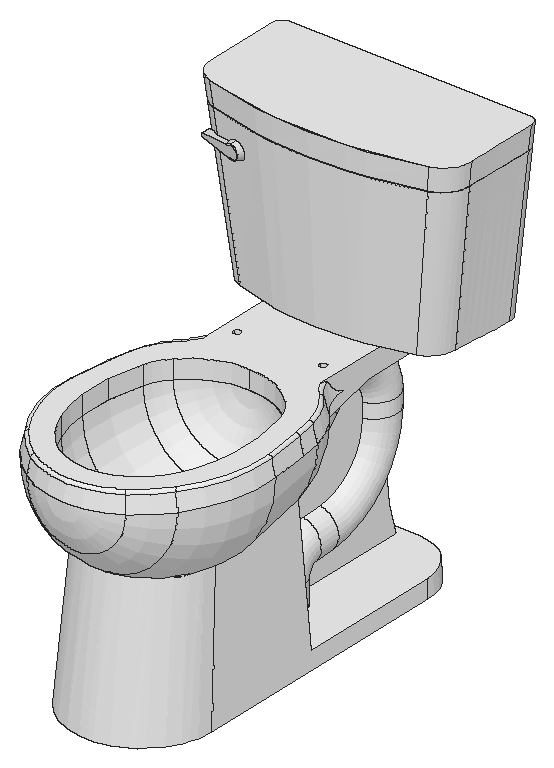
Revit family "Plumbing-Pressure-Assist-Water-Closet-Sloan-Valve-WETS-80298013_", category Plumbing Fixtures, host Face, Revit 2019 (continued)
Automatic sketch dimensions
  Masking region 2 sketch curve to Masking region 2 sketch curve = 2"  (x2)
  Masking region 2 sketch curve to Masking region 2 sketch curve = 2 1/4"  (x2)
  Masking region 2 sketch curve to Masking region 2 sketch curve = 2.79716"
  Masking region 2 sketch curve to Masking region 2 sketch curve = 0.52667"  (x2)
  Masking region 2 sketch curve to Masking region 2 sketch curve = 1.24583"
  Masking region 2 sketch curve to Masking region 2 sketch curve = 1.55117"  (x2)
  Masking region 2 sketch curve to Masking region 2 sketch curve = 1.66402"
  Masking region 2 sketch curve to Masking region 2 sketch curve = 0.70915"  (x2)
  Masking region 2 sketch curve to Masking region 2 sketch curve = 2.22418"  (x2)
  Masking region 2 sketch curve to Masking region 2 sketch curve = 0.38996"  (x2)
  Masking region 2 sketch curve to Masking region 2 sketch curve = 3.913"
  Masking region 2 sketch curve to Masking region 2 sketch curve = 4.50109"  (x2)
  Masking region 2 sketch curve to Masking region 2 sketch curve = 2.37129"  (x2)
  Masking region 2 sketch curve to Masking region 2 sketch curve = 2.31605"  (x2)
  Masking region 2 sketch curve to Masking region 2 sketch curve = 2.56575"  (x2)
  Masking region 2 sketch curve to Masking region 2 sketch curve = 5 33/128"
  Masking region 2 sketch curve to Masking region 2 sketch curve = 5.26793"
  Masking region 2 sketch curve to Masking region 2 sketch curve = 0.29604"  (x2)
  Masking region 2 sketch curve to Masking region 2 sketch curve = 17.12237"
  Masking region 2 sketch curve to Masking region 2 sketch curve = 8 3/8"
  Masking region 2 sketch curve to Masking region 2 sketch curve = 9 3/4"
  Masking region 2 sketch curve to Masking region 2 sketch curve = 3.22134"
  Masking region 2 sketch curve to Masking region 2 sketch curve = 1 1/4"
  Masking region 2 sketch curve to Masking region 2 sketch curve = 18.90159"
  Masking region 2 sketch curve to Masking region 2 sketch curve = 19.0791"
  plane 7 to Extrusion 4 sketch curve = 25.07129"
  Extrusion 4 sketch curve to Extrusion 4 sketch curve = 6.25633"
  Extrusion 4 sketch curve to Extrusion 4 sketch curve = 0.63587"
  Extrusion 4 sketch curve to Extrusion 4 sketch curve = 7.2727"
  Extrusion 4 sketch curve to Extrusion 4 sketch curve = 1.99428"
  Extrusion 4 sketch curve to Extrusion 4 sketch curve = 1.03117"
  plane 7 to Extrusion 4 sketch curve = 1.93503"
  plane 7 to Extrusion 4 sketch curve = 1.54092"
  Extrusion 4 sketch curve to plane 7 = 12.09356"
  Extrusion 4 sketch curve to Extrusion 4 sketch curve = 4.71404"
  Extrusion 4 sketch curve to Extrusion 4 sketch curve = 3.46658"
  Extrusion 4 sketch curve to Extrusion 4 sketch curve = 0.2571"
  Extrusion 4 sketch curve to Extrusion 4 sketch curve = 0"
  Extrusion 4 sketch curve to Extrusion 4 sketch curve = 7.268"
  Extrusion 4 sketch curve to Extrusion 4 sketch curve = 4 19/256"
  Extrusion 4 sketch curve to Extrusion 4 sketch curve = 5.1955"
  plane 7 to Sweep 3 sketch curve = 16.44118"
  plane 7 to Sweep 3 sketch curve = 11 1/4"
  Sweep 3 sketch curve to Sweep 3 sketch curve = 1.57944"
  Sweep 3 sketch curve to Sweep 3 sketch curve = 1.66667"
  Sweep 3 sketch curve to Sweep 3 sketch curve = 1.22254"
  Sweep 3 sketch curve to Sweep 3 sketch curve = 1.50376"
  Sweep 3 sketch curve to Sweep 3 sketch curve = 2.37343"
  Sweep 3 sketch curve to Sweep 3 sketch curve = 3"
  Sweep 3 sketch curve to Sweep 3 sketch curve = 0.23912"
  Sweep 3 sketch curve to Sweep 3 sketch curve = 0.07881"
  Sweep 3 sketch curve to Sweep 3 sketch curve = 2.19457"
  Sweep 3 sketch curve to Sweep 3 sketch curve = 1.02691"
  Sweep 3 sketch curve to Sweep 3 sketch curve = 6.01869"
  Sweep 3 sketch curve to Sweep 3 sketch curve = 5.81653"
  Sweep 3 sketch curve to Sweep 3 sketch curve = 0.44425"
  Sweep 3 sketch curve to Sweep 3 sketch curve = 0"
  Sweep 3 sketch curve to Sweep 3 sketch curve = 2.69248"
  Extrusion 21 sketch curve to plane 7 = 0"
  plane 7 to Extrusion 21 sketch curve = 9.53606"
  Extrusion 21 sketch curve to Extrusion 21 sketch curve = 1.85774"
  plane 11 to Blend 22 sketch curve = 23 1/2"
  Blend 22 sketch curve to Blend 22 sketch curve = 3 1/2"  (x2)
  Blend 22 sketch curve to Blend 22 sketch curve = 4 7/8"
  Blend 22 sketch curve to Blend 22 sketch curve = 2 3/4"
  plane 11 to Blend 22 sketch curve = 4 67/128"
  plane 11 to Blend 22 sketch curve = 22.25397"
  plane 11 to Blend 22 sketch curve = 1 3/128"
  Blend 22 sketch curve to Blend 22 sketch curve = 4 5/16"
  Blend 22 sketch curve to Blend 22 sketch curve = 1 5/8"
  plane 11 to Extrusion 23 sketch curve = 13.77953"
  Extrusion 23 sketch curve to Extrusion 23 sketch curve = 5.00662"
  Extrusion 23 sketch curve to Extrusion 23 sketch curve = 1.37144"
  Extrusion 23 sketch curve to Extrusion 23 sketch curve = 0.83072"
  plane 11 to Extrusion 23 sketch curve = 2.01421"
  plane 11 to Extrusion 23 sketch curve = 1.80632"
  Extrusion 23 sketch curve to Extrusion 23 sketch curve = 1.24829"
  Extrusion 23 sketch curve to Extrusion 23 sketch curve = 2.7937"
  Sweep 24 sketch curve to profile plane = 0"  (x2)
  plane 8 to Blend 26 sketch curve = 0.21467"
  plane 8 to Blend 26 sketch curve = 0.58558"
  plane 11 to Blend 26 sketch curve = 5/16"
  plane 8 to Blend 26 sketch curve = 0.96182"
  Blend 26 sketch curve to Blend 26 sketch curve = 1.99239"
  plane 8 to Blend 26 sketch curve = 7 15/16"
  plane 9 to Blend 26 sketch curve = 2.57797"
  plane 9 to Blend 26 sketch curve = 0.96182"
  plane 9 to Blend 26 sketch curve = 0.58558"
  plane 9 to Blend 26 sketch curve = 0.21467"
  Blend 26 sketch curve to Blend 26 sketch curve = 3/4"  (x3)
  Blend 26 sketch curve to Blend 26 sketch curve = 4.13053"  (x2)
  Blend 26 sketch curve to Blend 26 sketch curve = 0.17431"  (x2)
  Blend 26 sketch curve to plane 11 = 9.28691"
  Blend 26 sketch curve to Blend 26 sketch curve = 0"  (x2)
  plane 11 to Blend 26 sketch curve = 0"
  plane 11 to Blend 26 sketch curve = 6 1/128"  (x2)
  Blend 26 sketch curve to Blend 26 sketch curve = 2"
  Blend 26 sketch curve to Blend 26 sketch curve = 8 3/8"
  Blend 26 sketch curve to Blend 26 sketch curve = 14 1/4"
  plane 11 to Blend 26 sketch curve = 3/4"
  Blend 26 sketch curve to Blend 26 sketch curve = 1 1/4"
  Blend 26 sketch curve to plane 11 = 19.0791"
  Extrusion 27 sketch curve to Extrusion 27 sketch curve = 2.41998"
  Extrusion 27 sketch curve to Extrusion 27 sketch curve = 0.01099"
  Extrusion 27 sketch curve to Extrusion 27 sketch curve = 0.0192"
  Extrusion 27 sketch curve to Extrusion 27 sketch curve = 0.16999"
  Extrusion 27 sketch curve to Extrusion 27 sketch curve = 0.15715"
  Extrusion 27 sketch curve to Extrusion 27 sketch curve = 0.78299"
  Revolve 28 sketch curve to Revolve 28 sketch curve = 0.48262"
  Revolve 28 sketch curve to Revolve 28 sketch curve = 1/2"
  Revolve 28 sketch curve to Revolve 28 sketch curve = 0.47889"
  Revolve 28 sketch curve to Revolve 28 sketch curve = 0.02676"
  Revolve 28 sketch curve to Revolve 28 sketch curve = 0.15681"
  Revolve 28 sketch curve to Revolve 28 sketch curve = 0"  (x2)
  Revolve 28 sketch curve to Revolve 28 sketch curve = 0.11261"
  plane 11 to Revolve 29 sketch curve = 18.41431"
  Revolve 29 sketch curve to Revolve 29 sketch curve = 0.38226"
  Revolve 29 sketch curve to Revolve 29 sketch curve = 213/256"
  Revolve 29 sketch curve to Revolve 29 sketch curve = 0"  (x10)
  Revolve 29 sketch curve to Revolve 29 sketch curve = 1.55117"
  Revolve 29 sketch curve to Revolve 29 sketch curve = 0.52667"
  Revolve 29 sketch curve to Revolve 29 sketch curve = 1.06316"
  Revolve 29 sketch curve to Revolve 29 sketch curve = 0.55817"
  Revolve 29 sketch curve to Revolve 29 sketch curve = 4.78572"
  Revolve 29 sketch curve to Revolve 29 sketch curve = 17.76248"
  Revolve 29 sketch curve to Revolve 29 sketch curve = 1.12242"
  Revolve 29 sketch curve to Revolve 29 sketch curve = 1.54616"
  Revolve 29 sketch curve to Revolve 29 sketch curve = 1.91616"
  Revolve 29 sketch curve to Revolve 29 sketch curve = 0.22012"
  Revolve 29 sketch curve to Revolve 29 sketch curve = 0.002"
  Revolve 29 sketch curve to Revolve 29 sketch curve = 0.38996"
  Revolve 29 sketch curve to Revolve 29 sketch curve = 2.4971"
  Revolve 29 sketch curve to Revolve 29 sketch curve = 1.76271"
  Revolve 29 sketch curve to Revolve 29 sketch curve = 0.46147"
  Revolve 29 sketch curve to Revolve 29 sketch curve = 1.76813"
  Revolve 29 sketch curve to Revolve 29 sketch curve = 2.37097"
  Revolve 29 sketch curve to Revolve 29 sketch curve = 1.94676"
  Revolve 29 sketch curve to Revolve 29 sketch curve = 0.65231"
  Revolve 29 sketch curve to Revolve 29 sketch curve = 3.62883"
  Revolve 29 sketch curve to Revolve 29 sketch curve = 2.41279"
  Revolve 29 sketch curve to Revolve 29 sketch curve = 0.18389"
  Revolve 29 sketch curve to Revolve 29 sketch curve = 1/2"
  Extrusion 30 sketch curve to Extrusion 30 sketch curve = 0.67182"
  Extrusion 30 sketch curve to Extrusion 30 sketch curve = 1.77234"
  Extrusion 30 sketch curve to Extrusion 30 sketch curve = 1.545"  (x2)
  Extrusion 30 sketch curve to Extrusion 30 sketch curve = 93/128"
  Extrusion 30 sketch curve to Extrusion 30 sketch curve = 0.40828"
  Extrusion 30 sketch curve to Extrusion 30 sketch curve = 2.54228"
  Extrusion 30 sketch curve to Extrusion 30 sketch curve = 2.74948"
  Blend 31 sketch curve to Blend 31 sketch curve = 0.99706"
  Blend 31 sketch curve to Blend 31 sketch curve = 0.24541"
  Blend 31 sketch curve to Blend 31 sketch curve = 1 13/16"
  Blend 31 sketch curve to Blend 31 sketch curve = 0.37271"
  Blend 32 sketch curve to Blend 32 sketch curve = 1 13/16"  (x2)
  Blend 32 sketch curve to Blend 32 sketch curve = 0.37271"
  Blend 32 sketch curve to Blend 32 sketch curve = 1.15396"
  plane 11 to Sweep 33 sketch curve = 26.57715"
  Sweep 33 sketch curve to Sweep 33 sketch curve = 9.12902"
  Sweep 33 sketch curve to Sweep 33 sketch curve = 0.84594"
  Sweep 33 sketch curve to Sweep 33 sketch curve = 3.46596"
  Sweep 33 sketch curve to Sweep 33 sketch curve = 1.9345"
  Sweep 33 sketch curve to Sweep 33 sketch curve = 0.18533"
  Sweep 33 sketch curve to Sweep 33 sketch curve = 1.3913"
  Sweep 33 sketch curve to Sweep 33 sketch curve = 1.1687"
  Sweep 33 sketch curve to Sweep 33 sketch curve = 3.42714"
  Sweep 33 sketch curve to Sweep 33 sketch curve = 1.86098"
  Sweep 33 sketch curve to Sweep 33 sketch curve = 1.34254"
  Sweep 33 sketch curve to Sweep 33 sketch curve = 1.96082"
  Sweep 33 sketch curve to Sweep 33 sketch curve = 0"  (x3)
  Sweep 33 sketch curve to Sweep 33 sketch curve = 2.59819"
  Sweep 33 sketch curve to profile plane = 0"
  Sweep 33 sketch curve to profile plane = 0.99706"  (x2)
  Sweep 34 sketch curve to Sweep 34 sketch curve = 0"  (x12)
  Sweep 34 sketch curve to plane 10 = 0"  (x4)
  plane 10 to Sweep 34 sketch curve = 5.70094"  (x2)
  plane 11 to Sweep 34 sketch curve = 10.88962"
  Sweep 34 sketch curve to Sweep 34 sketch curve = 18.15103"  (x2)
  Sweep 34 sketch curve to Sweep 34 sketch curve = 4"  (x2)
  Sweep 34 sketch curve to Sweep 34 sketch curve = 2.01849"
  Sweep 34 sketch curve to Sweep 34 sketch curve = 0.52667"  (x2)
  Sweep 34 sketch curve to Sweep 34 sketch curve = 1.24583"
  Sweep 34 sketch curve to Sweep 34 sketch curve = 1.55117"  (x2)
  Sweep 34 sketch curve to Sweep 34 sketch curve = 1.66402"
  Sweep 34 sketch curve to Sweep 34 sketch curve = 3.26432"
  plane 10 to Sweep 34 sketch curve = 4.99179"
  Sweep 34 sketch curve to Sweep 34 sketch curve = 2.22418"
  Sweep 34 sketch curve to Sweep 34 sketch curve = 0.38996"  (x2)
  Sweep 34 sketch curve to Sweep 34 sketch curve = 3.913"
  Sweep 34 sketch curve to Sweep 34 sketch curve = 6.87238"
  Sweep 34 sketch curve to Sweep 34 sketch curve = 5.26793"
  Sweep 34 sketch curve to Sweep 34 sketch curve = 0.29604"  (x2)
  Sweep 34 sketch curve to Sweep 34 sketch curve = 4.31887"  (x2)
  Sweep 34 sketch curve to profile plane = 0"
  Sweep 34 sketch curve to profile plane = 0.25828"
  Sweep 34 sketch curve to Sweep 34 sketch curve = 0.24359"
  Sweep 34 sketch curve to profile plane = 0.71616"
  profile plane to Sweep 34 sketch curve = 14 3/16"
  Sweep 34 sketch curve to Sweep 34 sketch curve = 1 1/16"
  Sweep 34 sketch curve to Sweep 34 sketch curve = 0.05624"
  Extrusion 35 sketch curve to Extrusion 35 sketch curve = 0"  (x20)
  plane 11 to Extrusion 35 sketch curve = 21.08289"
  Extrusion 35 sketch curve to Extrusion 35 sketch curve = 4.78572"  (x2)
  Extrusion 35 sketch curve to Extrusion 35 sketch curve = 0.55817"  (x2)
  Extrusion 35 sketch curve to Extrusion 35 sketch curve = 1.92673"  (x2)
  Extrusion 35 sketch curve to Extrusion 35 sketch curve = 3.141"
  Extrusion 35 sketch curve to Extrusion 35 sketch curve = 1.21427"  (x2)
  Extrusion 35 sketch curve to Extrusion 35 sketch curve = 0.37"  (x2)
  Extrusion 35 sketch curve to Extrusion 35 sketch curve = 0.22012"  (x2)
  Extrusion 35 sketch curve to Extrusion 35 sketch curve = 2.15467"
  Extrusion 35 sketch curve to Extrusion 35 sketch curve = 2.13627"
  Extrusion 35 sketch curve to Extrusion 35 sketch curve = 1.12242"  (x2)
  Extrusion 35 sketch curve to Extrusion 35 sketch curve = 1.58443"
  Extrusion 35 sketch curve to Extrusion 35 sketch curve = 1.57431"  (x2)
  Extrusion 36 sketch curve to Extrusion 36 sketch curve = 0"  (x15)
  plane 11 to Extrusion 36 sketch curve = 23.57999"  (x2)
  plane 11 to Extrusion 36 sketch curve = 10.88962"
  Extrusion 36 sketch curve to Extrusion 36 sketch curve = 18.15103"  (x2)
  Extrusion 36 sketch curve to Extrusion 36 sketch curve = 4"  (x2)
  Extrusion 36 sketch curve to Extrusion 36 sketch curve = 2.01849"
  Extrusion 36 sketch curve to Extrusion 36 sketch curve = 0.52667"  (x2)
  Extrusion 36 sketch curve to Extrusion 36 sketch curve = 1.24583"
  Extrusion 36 sketch curve to Extrusion 36 sketch curve = 1.55117"  (x2)
  Extrusion 36 sketch curve to Extrusion 36 sketch curve = 1.66402"
  Extrusion 36 sketch curve to Extrusion 36 sketch curve = 3.26432"
  Extrusion 36 sketch curve to Extrusion 36 sketch curve = 13.39952"
  Extrusion 36 sketch curve to Extrusion 36 sketch curve = 2.22418"  (x2)
  Extrusion 36 sketch curve to Extrusion 36 sketch curve = 0.38996"  (x2)
  Extrusion 36 sketch curve to Extrusion 36 sketch curve = 3.913"
  Extrusion 36 sketch curve to Extrusion 36 sketch curve = 3.98247"
  Extrusion 36 sketch curve to Extrusion 36 sketch curve = 0.39147"  (x2)
  Extrusion 36 sketch curve to Extrusion 36 sketch curve = 2.49844"
  Extrusion 36 sketch curve to Extrusion 36 sketch curve = 4.55398"
  Extrusion 36 sketch curve to Extrusion 36 sketch curve = 0.28975"  (x2)
  plane 11 to Extrusion 37 sketch curve = 15 3/4"
  Extrusion 37 sketch curve to Extrusion 37 sketch curve = 1.03091"
  Extrusion 37 sketch curve to plane 11 = 0.34835"
  Extrusion 37 sketch curve to Extrusion 37 sketch curve = 14.74266"
  plane 11 to Revolve 38 sketch curve = 18.41431"
  Revolve 38 sketch curve to Revolve 38 sketch curve = 1.21427"
  Revolve 38 sketch curve to Revolve 38 sketch curve = 3.141"
  Revolve 38 sketch curve to Revolve 38 sketch curve = 0.55817"
  Revolve 38 sketch curve to Revolve 38 sketch curve = 4.78572"
  Revolve 38 sketch curve to Revolve 38 sketch curve = 1.12242"
  Revolve 38 sketch curve to Revolve 38 sketch curve = 1.54616"
  Revolve 38 sketch curve to Revolve 38 sketch curve = 1.91616"
  Revolve 38 sketch curve to Revolve 38 sketch curve = 0.22012"
  Revolve 38 sketch curve to Revolve 38 sketch curve = 2.15467"
  Revolve 38 sketch curve to Revolve 38 sketch curve = 4.85057"
  Revolve 38 sketch curve to Revolve 38 sketch curve = 4.53114"
  Revolve 38 sketch curve to Revolve 38 sketch curve = 0"  (x5)
  Revolve 38 sketch curve to Revolve 38 sketch curve = 2.34667"
  Revolve 38 sketch curve to Revolve 38 sketch curve = 1/2"
  plane 11 to Extrusion 39 sketch curve = 11 3/8"
  Extrusion 39 sketch curve to Extrusion 39 sketch curve = 6"
  Extrusion 39 sketch curve to Extrusion 39 sketch curve = 0"
  Extrusion 40 sketch curve to Extrusion 40 sketch curve = 0"  (x17)
  plane 11 to Extrusion 40 sketch curve = 0"
  plane 11 to Extrusion 40 sketch curve = 6 1/128"  (x2)
  Extrusion 40 sketch curve to Extrusion 40 sketch curve = 1/4"
  Extrusion 40 sketch curve to Extrusion 40 sketch curve = 1/2"
  Extrusion 40 sketch curve to Extrusion 40 sketch curve = 1 3/4"  (x2)
  Extrusion 40 sketch curve to Extrusion 40 sketch curve = 8 3/8"
  Extrusion 40 sketch curve to Extrusion 40 sketch curve = 14 1/4"
  Extrusion 40 sketch curve to Extrusion 40 sketch curve = 1 1/4"
  Extrusion 40 sketch curve to plane 11 = 19.0791"
  plane 11 to Extrusion 25 sketch curve = 25.07129"
  Extrusion 25 sketch curve to Extrusion 25 sketch curve = 6.25633"
  Extrusion 25 sketch curve to Extrusion 25 sketch curve = 0.63587"
  Extrusion 25 sketch curve to Extrusion 25 sketch curve = 7.2727"
  Extrusion 25 sketch curve to Extrusion 25 sketch curve = 1.99428"
  Extrusion 25 sketch curve to Extrusion 25 sketch curve = 1.03117"
  plane 11 to Extrusion 25 sketch curve = 1.93503"
  plane 11 to Extrusion 25 sketch curve = 1.54092"
  Extrusion 25 sketch curve to plane 11 = 12.09356"
  Extrusion 25 sketch curve to Extrusion 25 sketch curve = 4.71404"
  Extrusion 25 sketch curve to Extrusion 25 sketch curve = 3.46658"
  Extrusion 25 sketch curve to Extrusion 25 sketch curve = 0.2571"
  Extrusion 25 sketch curve to Extrusion 25 sketch curve = 0"
  Extrusion 25 sketch curve to Extrusion 25 sketch curve = 7.268"
  Extrusion 25 sketch curve to Extrusion 25 sketch curve = 4 19/256"
  Extrusion 25 sketch curve to Extrusion 25 sketch curve = 5.1955"
  plane 11 to Sweep 24 sketch curve = 16.44118"
  plane 11 to Sweep 24 sketch curve = 11 1/4"
  Sweep 24 sketch curve to Sweep 24 sketch curve = 1.57944"
  Sweep 24 sketch curve to Sweep 24 sketch curve = 1.66667"
  Sweep 24 sketch curve to Sweep 24 sketch curve = 1.22254"
  Sweep 24 sketch curve to Sweep 24 sketch curve = 1.50376"
  Sweep 24 sketch curve to Sweep 24 sketch curve = 2.37343"
  Sweep 24 sketch curve to Sweep 24 sketch curve = 3"
  Sweep 24 sketch curve to Sweep 24 sketch curve = 0.23912"
  Sweep 24 sketch curve to Sweep 24 sketch curve = 0.07881"
  Sweep 24 sketch curve to Sweep 24 sketch curve = 2.19457"
  Sweep 24 sketch curve to Sweep 24 sketch curve = 1.02691"
  Sweep 24 sketch curve to Sweep 24 sketch curve = 6.01869"
  Sweep 24 sketch curve to Sweep 24 sketch curve = 5.81653"
  Sweep 24 sketch curve to Sweep 24 sketch curve = 0.44425"
  Sweep 24 sketch curve to Sweep 24 sketch curve = 0"
  Sweep 24 sketch curve to Sweep 24 sketch curve = 2.69248"
  Extrusion 41 sketch curve to plane 11 = 0"
  plane 11 to Extrusion 41 sketch curve = 9.53606"
  Extrusion 41 sketch curve to Extrusion 41 sketch curve = 1.85774"
  radius of Sweep 3 sketch curve = 1 1/2"
  radius of Extrusion 5 sketch curve = 1/4"
  radius of Extrusion 19 sketch curve = 1/4"  (x2)
  radius of Sweep 24 sketch curve = 1 1/2"
  radius of Extrusion 39 sketch curve = 1/4"  (x2)
Connectors
  piping at (-152.4, 0, 254), diameter 12.7, driven by "Cold Water Connection Diameter", driven by "CWFU", driven by "Valve Pressure Drop", driven by "Cold Water Connector Description"
    settings: on Extrusion 5, index 1, connector inside diameter 24", connector length 0", flow factor 0, pipe flow 0 GPM, pressure drop 0.00 psi, fitting loss kfactor 0, connector angle 0.00°, fixture units 10, engagement length 0", angle of deflection 0.00°, flow configuration 3, flow direction 1, fitting loss method 4, system type 20, joint type 0, gender type 0, connector reference index -1, connector utility 0, adjustable connector no, is connector primary yes, connector description "Cold Water Connector d1/2\""
  piping at (0, -304.8, 0), diameter 53.975, driven by "Sanitary Drain Connection Diameter", driven by "WFU", driven by "Sanitary Drain Connector Description"
    settings: on Sweep 3, index 2, connector inside diameter 24", connector length 0", flow factor 0, pipe flow 0 GPM, pressure drop 0.00 psi, fitting loss kfactor 0, connector angle 0.00°, fixture units 10, engagement length 0", angle of deflection 0.00°, flow configuration 3, flow direction 2, fitting loss method 0, system type 16, joint type 0, gender type 0, connector reference index -1, connector utility 0, adjustable connector no, is connector primary no, connector description "Sanitary Drain Connector d2 1/8\""
Types (3): name | Part Number | Model
  (no name) | "WETS-8029.8013" | "WETS-8029.8013"
  WETS-8029.8013 | "WETS-8029.8013" | "WETS-8029.8013"
  WETS-8029.8013-BAA | "80298013" | "WETS-8029.8013-BAA"
